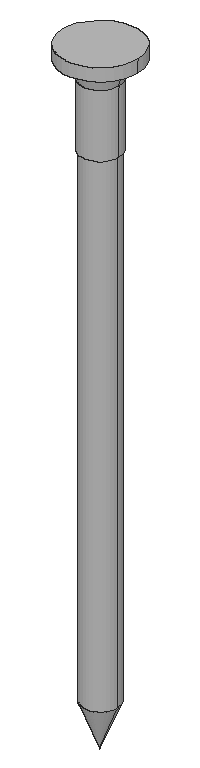
Revit family "ROTHOB_Rothoblaas_Screw_LBA", category Structural Connections, host Face, Revit 2022
Family settings
  Host = Face
  Material for Model Behavior = Steel
  OmniClass Number = 23.20.40.11.14.17
  OmniClass Title = Nails
  Enable cutting in views = Yes
  Cut with Voids When Loaded = No
  Shared = No
Parameters (values of type "LBA6100_6x100mm")
  WarrantyStartDate [instance] = ""
  WarrantyGuarantorParts = "n/a"
  WarrantyGuarantorLabor = "n/a"
  WarrantyDurationUnit = "n/a"
  WarrantyDurationParts = "n/a"
  WarrantyDurationLabor = "n/a"
  WarrantyDescription = "n/a"
  Version = "001"  # constant formula
  UniClass2015Version = "Products v1.39"  # constant formula
  UniClass2015Title = "Carbon steel nails"
  UniClass2015Code = "Pr_20_29_56_11"
  UnderheadLength_L1 = if(ModelNumberCode < 600, 1.60 mm, if(ModelNumberCode < 700, 2.85 mm, if(ModelNumberCode < 5000, 1.60 mm, 2.85 mm)))  # 2.85 mm
  UnderheadDiameter_d3 = if(ModelNumberCode < 600, 5.90 mm, if(ModelNumberCode < 700, 7.80 mm, if(ModelNumberCode < 5000, 5.90 mm, 7.80 mm)))  # 7.80 mm
  Tipo IFC predefinito = "USERDEFINED"
  TipLength_Lt = if(ModelNumberCode < 600, 3.86 mm, if(ModelNumberCode < 700, 6.68 mm, if(ModelNumberCode < 5000, 3.86 mm, 6.68 mm)))  # 6.68 mm
  KnurledShanksRadius = ThreadDiameter_d2 / 2  # 2.75 mm
  KnurledShanksLength_b = if(ModelNumberCode = 440, 30.00 mm, if(ModelNumberCode = 450, 40.00 mm, if(ModelNumberCode = 451, 40.00 mm, if(ModelNumberCode = 460, 50.00 mm, if(ModelNumberCode = 475, 65.00 mm, if(ModelNumberCode = 4100, 85.00 mm, if(ModelNumberCode = 660, 50.00 mm, if(ModelNumberCode = 680, 70.00 mm, if(ModelNumberCode = 6100, 85.00 mm, 40.00 mm)))))))))  # 85.00 mm
  ThreadDiameter_d2 = if(ModelNumberCode < 600, 3.40 mm, if(ModelNumberCode < 700, 5.50 mm, if(ModelNumberCode < 5000, 3.40 mm, 5.50 mm)))  # 5.50 mm
  SustainabilityPerformance = "n/a"  # constant formula
  Size = "6 x 100 mm"
  Shape = "Cylindrical"  # constant formula
  ShankLength_Ls = if(ModelNumberCode < 600, 6.90 mm, if(ModelNumberCode < 700, 5.15 mm, if(ModelNumberCode < 5000, 11.90 mm, 10.15 mm)))  # 10.15 mm
  Revision = "000"  # constant formula
  ReplacementCost = "n/a"  # constant formula
  HoleDiameterOnSteelPlate_dvs = if(ModelNumberCode < 600, "5.00 ÷5.5 mm", if(ModelNumberCode < 700, "7.00 ÷7.5 mm", if(ModelNumberCode < 5000, "5.00 ÷5.5 mm", "7.00 ÷7.5 mm")))  # "7.00 ÷7.5 mm"
  GTIN = "8033564765445"
  ExternalDiameter_de = if(ModelNumberCode < 600, 4.40 mm, if(ModelNumberCode < 700, 6.60 mm, if(ModelNumberCode < 5000, 4.40 mm, 6.60 mm)))  # 6.60 mm
  Default Elevation = 1219.20 mm
  ProductInformation = "www.rothoblaas.com/products/fastening/screws/screws-carpentry/lba"
  OmniClassVersion = "2012-05-16"  # constant formula
  OmniClassTitle = "Nails"  # constant formula
  OmniClassCode = "23.20.40.11.14.17"  # constant formula
  ObjectMaterial = ROTHOB_Rothoblaas_CarbonSteel_Electrogalvanized
  NominalWidth = "n/a"  # constant formula
  NominalLength = InsertionLength_L + HeadThickness_t1  # 100.00 mm
  NominalHeight = "n/a"  # constant formula
  NominalDiameter = NominalDiameter_d1  # 6.00 mm
  NominalDiameter_d1 = if(ModelNumberCode < 600, 4.00 mm, if(ModelNumberCode < 700, 6.00 mm, if(ModelNumberCode < 5000, 4.00 mm, 6.00 mm)))  # 6.00 mm
  Name = "Nail"  # constant formula
  ModelReference = "n/a"  # constant formula
  ModelNumberCode = 6100
  ModelNumber = "LBA6100"
  ModelDisclaimer = "The latest version of the data sheets can be found on our website"  # constant formula
  MinWeight = "0.023 kg"
  Material = "Electrogalvanized carbon steel"  # constant formula
  ManufacturerURL = "www.rothoblaas.com"
  ManufacturerName = "ROTHO BLAAS SRL"  # constant formula
  Manufacturer = "info@rothoblaas.com"
  Manufacturer = "info@rothoblaas.com"
  InstallationDate [instance] = ""
  InsertionLength_L = (if(ModelNumberCode = 440, 40.00 mm, if(ModelNumberCode = 450, 50.00 mm, if(ModelNumberCode = 451, 50.00 mm, if(ModelNumberCode = 460, 60.00 mm, if(ModelNumberCode = 475, 75.00 mm, if(ModelNumberCode = 4100, 100.00 mm, if(ModelNumberCode = 660, 60.00 mm, if(ModelNumberCode = 680, 80.00 mm, if(ModelNumberCode = 6100, 100.00 mm, 100.00 mm))))))))) - HeadThickness_t1)  # 98.00 mm
  IfcExportType = "USERDEFINED"
  IfcExportAs = "IfcMechanicalFastenerType"
  HeadThickness_t1 = if(ModelNumberCode < 600, 1.50 mm, if(ModelNumberCode < 700, 2.00 mm, if(ModelNumberCode < 5000, 1.50 mm, 2.00 mm)))  # 2.00 mm
  HeadDiameter_dk = if(ModelNumberCode < 600, 8.00 mm, if(ModelNumberCode < 700, 12.00 mm, if(ModelNumberCode < 5000, 8.00 mm, 12.00 mm)))  # 12.00 mm
  Grade = "n/a"  # constant formula
  Finish = "Electrogalvanized"  # constant formula
  Features = "Adhesion nails with knurled shanks for timber constructions"  # constant formula
  ExpectedLife = "50"  # constant formula
  Esporta tipo in formato IFC con nome = "IfcMechanicalFastenerType"
  DurationUnit = "Years"  # constant formula
  Description = "High bond nail"  # constant formula
  Description = "High bond nail"  # constant formula
  Constituents = "n/a"  # constant formula
  Color = "Silver"  # constant formula
  CodePerformance = "CE - Construction products"  # constant formula
  Category = "Pr_20_29_56_11 : Carbon steel nails"
  CETitle = "Rotho Blaas Connector Nails LBA"  # constant formula
  CECode = "ETA-22/0002"  # constant formula
  BIMObjectName = "ROTHOB_Rothoblaas_Screw_LBA"  # constant formula
  Author = "Augusto Meorali"  # constant formula
  AssetType = "Fixed"  # constant formula
  AccessibilityPerformance = "n/a"  # constant formula
Types (10, lengths in mm): name | UniClass2015Title | UniClass2015Code | UnderheadLength_L1 | UnderheadDiameter_d3 | TipLength_Lt | KnurledShanksRadius | KnurledShanksLength_b | ThreadDiameter_d2 | Size | ShankLength_Ls | HoleDiameterOnSteelPlate_dvs | GTIN | ExternalDiameter_de | ObjectMaterial | NominalLength | NominalDiameter | NominalDiameter_d1 | ModelNumberCode | ModelNumber | MinWeight | InsertionLength_L | HeadThickness_t1 | HeadDiameter_dk | Category
  (no name) | "Carbon steel nails" | "Pr_20_29_56_11" | 2.85 | 7.80 | 6.68 | 2.75 | 85.00 | 5.50 | "6 x 100 mm" | 10.15 | "7.00 ÷7.5 mm" | "8033564765445" | 6.60 | ROTHOB_Rothoblaas_CarbonSteel_Electrogalvanized | 100.00 | 6.00 | 6.00 | 6100 | "LBA6100" | "0.023 kg" | 98.00 | 2.00 | 12.00 | "Pr_20_29_56_11 : Carbon steel nails"
  LBA440_4x40mm | "Carbon steel nails" | "Pr_20_29_56_11" | 1.60 | 5.90 | 3.86 | 1.70 | 30.00 | 3.40 | "4 x 40 mm" | 6.90 | "5.00 ÷5.5 mm" | "8033564765391" | 4.40 | ROTHOB_Rothoblaas_CarbonSteel_Electrogalvanized | 40.00 | 4.00 | 4.00 | 440 | "LBA440" | "0.004 kg" | 38.50 | 1.50 | 8.00 | "Pr_20_29_56_11 : Carbon steel nails"
  LBA450_4x50mm | "Carbon steel nails" | "Pr_20_29_56_11" | 1.60 | 5.90 | 3.86 | 1.70 | 40.00 | 3.40 | "4 x 50 mm" | 6.90 | "5.00 ÷5.5 mm" | "8033224488769" | 4.40 | ROTHOB_Rothoblaas_CarbonSteel_Electrogalvanized | 50.00 | 4.00 | 4.00 | 450 | "LBA450" | "0.005 kg" | 48.50 | 1.50 | 8.00 | "Pr_20_29_56_11 : Carbon steel nails"
  LBA460_4x60mm | "Carbon steel nails" | "Pr_20_29_56_11" | 1.60 | 5.90 | 3.86 | 1.70 | 50.00 | 3.40 | "4 x 60 mm" | 6.90 | "5.00 ÷5.5 mm" | "8033224488776" | 4.40 | ROTHOB_Rothoblaas_CarbonSteel_Electrogalvanized | 60.00 | 4.00 | 4.00 | 460 | "LBA460" | "0.006 kg" | 58.50 | 1.50 | 8.00 | "Pr_20_29_56_11 : Carbon steel nails"
  LBA475_4x75mm | "Carbon steel nails" | "Pr_20_29_56_11" | 1.60 | 5.90 | 3.86 | 1.70 | 65.00 | 3.40 | "4 x 75 mm" | 6.90 | "5.00 ÷5.5 mm" | "8033564765407" | 4.40 | ROTHOB_Rothoblaas_CarbonSteel_Electrogalvanized | 75.00 | 4.00 | 4.00 | 475 | "LBA475" | "0.008 kg" | 73.50 | 1.50 | 8.00 | "Pr_20_29_56_11 : Carbon steel nails"
  LBA4100_4x100mm | "Carbon steel nails" | "Pr_20_29_56_11" | 1.60 | 5.90 | 3.86 | 1.70 | 85.00 | 3.40 | "4 x 100 mm" | 11.90 | "5.00 ÷5.5 mm" | "8033564765414" | 4.40 | ROTHOB_Rothoblaas_CarbonSteel_Electrogalvanized | 100.00 | 4.00 | 4.00 | 4100 | "LBA4100" | "0.010 kg" | 98.50 | 1.50 | 8.00 | "Pr_20_29_56_11 : Carbon steel nails"
  LBA660_6x60mm | "Carbon steel nails" | "Pr_20_29_56_11" | 2.85 | 7.80 | 6.68 | 2.75 | 50.00 | 5.50 | "6 x 60 mm" | 5.15 | "7.00 ÷7.5 mm" | "8033564765421" | 6.60 | ROTHOB_Rothoblaas_CarbonSteel_Electrogalvanized | 60.00 | 6.00 | 6.00 | 660 | "LBA660" | "0.014 kg" | 58.00 | 2.00 | 12.00 | "Pr_20_29_56_11 : Carbon steel nails"
  LBA680_6x80mm | "Carbon steel nails" | "Pr_20_29_56_11" | 2.85 | 7.80 | 6.68 | 2.75 | 70.00 | 5.50 | "6 x 80 mm" | 5.15 | "7.00 ÷7.5 mm" | "8033564765438" | 6.60 | ROTHOB_Rothoblaas_CarbonSteel_Electrogalvanized | 80.00 | 6.00 | 6.00 | 680 | "LBA680" | "0.019 kg" | 78.00 | 2.00 | 12.00 | "Pr_20_29_56_11 : Carbon steel nails"
  LBA6100_6x100mm | "Carbon steel nails" | "Pr_20_29_56_11" | 2.85 | 7.80 | 6.68 | 2.75 | 85.00 | 5.50 | "6 x 100 mm" | 10.15 | "7.00 ÷7.5 mm" | "8033564765445" | 6.60 | ROTHOB_Rothoblaas_CarbonSteel_Electrogalvanized | 100.00 | 6.00 | 6.00 | 6100 | "LBA6100" | "0.023 kg" | 98.00 | 2.00 | 12.00 | "Pr_20_29_56_11 : Carbon steel nails"
  LBAI450_4x50mm | "Stainless steel nails" | "Pr_20_29_56_85" | 1.60 | 5.90 | 3.86 | 1.70 | 40.00 | 3.40 | "4 x 50 mm" | 6.90 | "5.00 ÷5.5 mm" | "8033564764417" | 4.40 | ROTHOB_Rothoblaas_StainlessSteel_A4 | 50.00 | 4.00 | 4.00 | 451 | "LBAI450" | "0.005 kg" | 48.50 | 1.50 | 8.00 | "Pr_20_29_56_85 : Stainless steel nails"
Reference planes
  plane 1 "Centro (Fronte/Retro)": y = 0
  plane 2: z = 0
  plane 3 "Centro (Sinistra/Destra)": x = 0
  plane 4: z = 2
  plane 5: z = -2.85
  plane 6: z = -13
  plane 7: z = -98
  plane 8: z = -91.32
  plane 9: x = 2.75
  plane 10: x = -2.75
Forms (mm)
  Extrusion 1, solid, material "ROTHOB_Rothoblaas_CarbonSteel_Electrogalvanized" <- "ObjectMaterial"
    sketch origin (0, 0, 0) x (1, 0, 0) y (0, 1, 0)
      loop
        circle (0, 0) r 6
    from 0 to 2
  Blend 2, solid, material "ROTHOB_Rothoblaas_CarbonSteel_Electrogalvanized" <- "ObjectMaterial"
    base sketch origin (0, 0, 0) x (1, 0, 0) y (0, 1, 0)
      loop
        circle (0, 0) r 3
    top sketch origin (0, 0, 0) x (1, 0, 0) y (0, 1, 0)
      loop
        circle (0, 0) r 3.9
    from -2.85 to 0
  Extrusion 3, solid, material "ROTHOB_Rothoblaas_CarbonSteel_Electrogalvanized" <- "ObjectMaterial"
    sketch origin (0, 0, 0) x (1, 0, 0) y (0, 1, 0)
      loop
        circle (0, 0) r 3
    from -13 to -2.85
  Revolve 4, solid, material "ROTHOB_Rothoblaas_CarbonSteel_Electrogalvanized" <- "ObjectMaterial"
    sketch origin (0, 0, 0) x (1, 0, 0) y (0, 0, 1)
      loop
        line (0, -13) -> (0, -98) -> (2.75, -91.32) -> (2.75, -13) -> (0, -13)
      axis (0, -13) -> (0, -98)
    angle from 0 to 360
Dimensions and locks
  equal spacing: host sketch curve, plane 3 "Centro (Sinistra/Destra)", host sketch curve
  host sketch curve to host sketch curve = 50.00 mm  (x2)
  equal spacing: host sketch curve, plane 1 "Centro (Fronte/Retro)", host sketch curve
  "ShankLength_Ls": plane 5 to plane 6
  "UnderheadLength_L1": level to plane 5
  "HeadThickness_t1": plane 4 to level
  "TipLength_Lt": plane 8 to plane 7
  "InsertionLength_L": level to plane 7
  equal spacing: plane 10, plane 3 "Centro (Sinistra/Destra)", plane 9
  "ThreadDiameter_d2": plane 9 to plane 10
  "HeadDiameter_dk": diameter of Extrusion 1 sketch curve
  "NominalDiameter_d1": diameter of Blend 2 sketch curve
  "UnderheadDiameter_d3": diameter of Blend 2 sketch curve
  "NominalDiameter_d1": diameter of Extrusion 3 sketch curve
  aligned and locked: plane 2 to host face
  aligned and locked: level to host face
  aligned and locked: plane 1 "Centro (Fronte/Retro)" to Extrusion 1 sketch curve
  aligned and locked: plane 3 "Centro (Sinistra/Destra)" to Extrusion 1 sketch curve
  aligned and locked: Extrusion 1 to level
  aligned and locked: plane 4 to Extrusion 1
  aligned and locked: plane 1 "Centro (Fronte/Retro)" to Blend 2 sketch curve  (x2)
  aligned and locked: plane 3 "Centro (Sinistra/Destra)" to Blend 2 sketch curve  (x2)
  aligned and locked: plane 5 to Blend 2
  aligned and locked: level to Blend 2
  aligned and locked: plane 1 "Centro (Fronte/Retro)" to Extrusion 3 sketch curve
  aligned and locked: plane 3 "Centro (Sinistra/Destra)" to Extrusion 3 sketch curve
  aligned and locked: plane 6 to Extrusion 3
  aligned and locked: Extrusion 3 to plane 5
  aligned and locked: plane 7 to Revolve 4 sketch curve
  aligned and locked: plane 8 to Revolve 4 sketch curve
  aligned and locked: Revolve 4 sketch curve to Revolve 4 sketch curve
  aligned and locked: plane 6 to Revolve 4 sketch curve
  aligned and locked: Revolve 4 sketch curve to plane 9
Automatic sketch dimensions
  Revolve 4 sketch curve to plane 3 "Centro (Sinistra/Destra)" = 0.00 mm
  Revolve 4 sketch curve to Revolve 4 sketch curve = 569.60 mm
  plane 4 to Revolve 4 sketch curve = 2607.558 mm
